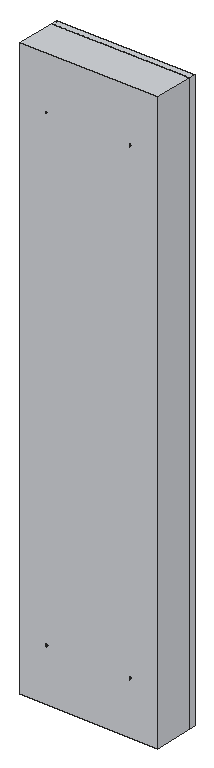
Revit family "AX9263_0005", category Appareils sanitaires, Revit 2016
Family settings
  Hôte = Mur
  Type d'élément = Normal
  Cote de connecteur circulaire = Utiliser le diamètre
  Numéro OmniClass = 23.75.00.00
  Titre OmniClass = Climate Control (HVAC)
  Toujours verticalement = Oui
  Couper avec des vides une fois chargée = Non
  Partagée = Non
  Point de calcul de pièce = Non
Parameters (values of type "Type 1")
  URL = "https://www.axeuro.com/fr/combines-2-en-1/25090-combine-3-en-1-seche-mains-electronique-distributeur-d-essuie-mains-et-poubelle-ax9263.html?search_query=ax9263&results=3"
  Type de produit / Type of product = "Combiné distributeur d'essuie-mains et poubelle / 2 in 1 combo unit"  # constant formula
  Référence / Reference = "AX9263, AX9263-MBK"  # constant formula
  Model = ""
  Manufacturer = ""
  Entreprise / Company = "Axeuro"  # constant formula
  Description = ""
Reference planes
  plane 1 "Mur": y = 0
  plane 2 "Centre (gauche/droite)": x = 0
  plane 3 "Arrière": y = 75
  plane 4: z = 0
  plane 5: x = 400
  plane 6: z = 2231.904
  plane 7: x = -400
Forms (mm)
  Extrusion 1, solid
    sketch origin (-694.809, 171, 105.613) x (1, 0, 0) y (0, 0, 1)
      loop
        line (859.809, 1894.65) -> (529.809, 1894.65) -> (529.809, 497.164) -> (859.809, 497.164) -> (859.809, 1894.65)
    from -13.992 to 1.008
  Extrusion 2, solid
    sketch origin (820.378, 171, -21.708) x (1, 0, 0) y (0, 0, 1)
      loop
        line (-655.378, 2021.972) -> (-985.378, 2021.972) -> (-985.378, 624.486) -> (-655.378, 624.486) -> (-655.378, 2021.972)
    from 1.008 to 96
  Extrusion 3, void
    sketch origin (-18.054, 171, -110) x (1, 0, 0) y (0, 0, 1)
      loop
        line (134.919, 1607.895) -> (-98.811, 1607.895)
        arc (-98.811, 1607.895) -> (-104.563, 1605.512) -> (-106.946, 1599.76) r 8.135
        line (-106.946, 1599.76) -> (-106.946, 1366.03)
        arc (-106.946, 1366.03) -> (-104.563, 1360.277) -> (-98.811, 1357.895) r 8.135
        line (-98.811, 1357.895) -> (134.919, 1357.895)
        arc (134.919, 1357.895) -> (140.672, 1360.277) -> (143.054, 1366.03) r 8.135
        line (143.054, 1366.03) -> (143.054, 1599.76)
        arc (143.054, 1599.76) -> (140.672, 1605.512) -> (134.919, 1607.895) r 8.135
    from -28.21 to 15.861
  Extrusion 4, solid, not visible
    sketch origin (2.754, 75, -43.399) x (1, 0, 0) y (0, 0, 1)
      loop
        circle (125.604, 1575.159) r 8.25
    from -15 to -12.919
  Extrusion 5, void, not visible
    sketch origin (-0.165, 75, -0.43) x (1, 0, 0) y (0, 0, 1)
      loop
        line (129.522, 1537.139) -> (127.522, 1537.139) -> (127.522, 1527.239) -> (129.522, 1527.239) -> (129.522, 1537.139)
    from -15 to -12.919
  Extrusion 6, void
    sketch origin (0, 171, 0) x (1, 0, 0) y (0, 0, 1)
      loop
        line (125, 1497.895) -> (-125, 1497.895) -> (-125, 1247.895) -> (125, 1247.895) -> (125, 1497.895)
    from -13.992 to 85.1
  Extrusion 7, void
    sketch origin (0, 102.347, -9.53) x (0, 1, 0) y (0, 0, 1)
      loop
        circle (21.632, 1883.772) r 3
    from 125 to 140.963
  Extrusion 8, void
    sketch origin (0, 171, 0) x (1, 0, 0) y (0, 0, 1)
      loop
        line (163.1, 1998.364) -> (-163.1, 1998.364) -> (-163.1, 604.678) -> (163.1, 604.678) -> (163.1, 1998.364)
    from -12.092 to 94.1
  Extrusion 9, void
    sketch origin (1.96, 0, -22.853) x (1, 0, 0) y (0, 0, 1)
      loop
        circle (-101.96, 1895.874) r 3
    from -76.9 to -75
  Extrusion 10, void
    sketch origin (-1.96, 0, -22.853) x (-1, 0, 0) y (0, 0, -1)
      loop
        circle (-101.96, -1895.874) r 3
    from -76.9 to -75
  Extrusion 11, void
    sketch origin (1.96, 0, 2625.894) x (1, 0, 0) y (0, 0, 1)
      loop
        circle (-101.96, -1895.874) r 3
    from -76.9 to -75
  Extrusion 12, void
    sketch origin (-1.96, 0, 2625.894) x (-1, 0, 0) y (0, 0, -1)
      loop
        circle (-101.96, 1895.874) r 3
    from -76.9 to -75
Cuts and joins
  Extrusion 3, Extrusion 8, Extrusion 10 cuts Extrusion 1
  Extrusion 3, Extrusion 6, Extrusion 7, Extrusion 8, Extrusion 9, Extrusion 10, Extrusion 11, Extrusion 12 cuts Extrusion 2
Lines and regions (mm)
  reference lines
    curve 1: line (-100, 48.735, 0) -> (100, 48.735, 0)
Text (mm)
  text "Côté de la mise en place" at (-1820.995, 1116.779, 0), in view "Niveau de réf."
  text "Côté de la mise en place" at (0, 1334.055, 2976.191), in view "Gauche"
  text "Côté de la mise en place" at (0, 439.194, 2944.362), in view "Droite"
Dimensions and locks
  locked: plane 3 "Arrière" to host wall
  cut or joined group of Extrusion 1, Extrusion 3, Extrusion 8, Extrusion 10 to cut or joined group of Extrusion 2, Extrusion 3, Extrusion 6, Extrusion 7, Extrusion 8, Extrusion 9, Extrusion 10, Extrusion 11, Extrusion 12 = 109.992 mm
  aligned and locked: plane 1 "Mur" to host wall
  aligned and locked: host sketch curve to plane 7
  aligned and locked: host sketch curve to plane 4
  aligned and locked: host sketch curve to plane 5
  aligned and locked: host sketch curve to plane 6
